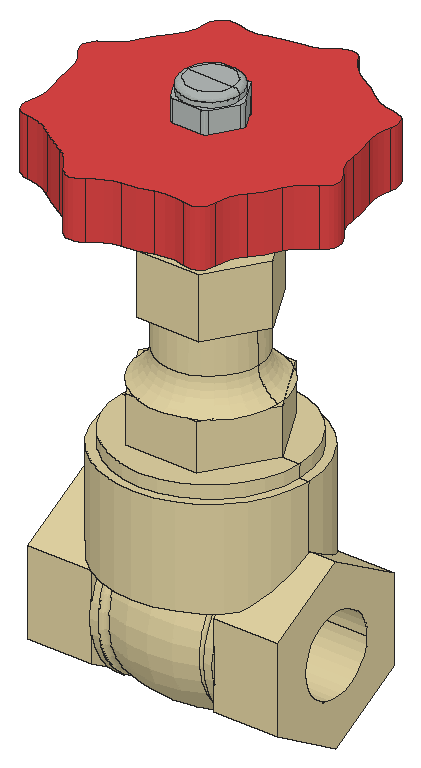
Revit family "AA01120000", category Apparecchi idraulici, Revit 2020
Family settings
  Quota connettore circolare = Usa diametro
  Tipo di parte = Normale
  Numero OmniClass = 23.45.00.00
  Titolo OmniClass = Sanitary, Laundry, and Cleaning Equipment
  Basato su piano di lavoro = No
  Sempre verticale = Sì
  Taglio con vuoti quando caricato = No
  Condiviso = No
  Punto di calcolo locali = No
Parameters
  URL = "https://web.cimberio.com/index.php/figura/1655?subcategoria_id=10053"
  Temperatura di esercizio = "-10 ÷ 150°C"
  Prospetto di default = 0 mm
  Produttore = "CIMBERIO SPA"
  Pressione nominale = "PN 16"
  Modello = "Cim 50NPT"
  Materiale = "Prodotto in lega di ottone conforme alla norma EN 12165-CW617N-DW"
  Descrizione = "Utilizzato nei più svariati settori dell'impiantistica: impianti di riscaldamento, condizionamento, idrici, igienico-sanitari, reti di distribuzione oli, benzine, vapore saturo e in generale con ogni fluido non corrosivo"
  DN Model [instance] = AA01121015 : AA01121015
  DN [instance] = 15 mm
  Commenti sul tipo = "Realizzato in ottemperanza ai requisiti gestionali della norma EN ISO 9001.\r\nCollaudato al 100% secondo la normativa EN 12266-1"
Reference planes
  plane 1 "Centro (Fronte/Retro)": y = 0
  plane 2: z = 0
  plane 3 "Centro (Sinistra/Destra)": x = 0
Dimensions and locks
  aligned and locked: level to plane 2
Nested families
  nested 1: "AA01121015" at (0, 0, 0), type <- "DN Model", type "AA01121015"
  nested 2: "AA01121015" at (0, 0, 0), type <- "DN Model", type "AA01121015"
  nested 3: "AA01121015" at (0, 0, 0), type <- "DN Model", type "AA01121015"
  nested 4: "AA01121015" at (0, 0, 0), type <- "DN Model", type "AA01121015"
  nested 5: "AA01121015" at (0, 0, 0), type <- "DN Model", type "AA01121015"
  nested 6: "AA01121015" at (0, 0, 0), type <- "DN Model", type "AA01121015"
  nested 7: "AA01121015" at (0, 0, 0), type <- "DN Model", type "AA01121015"
  nested 8: "AA01121015" at (0, 0, 0), type <- "DN Model", type "AA01121015"
  nested 9: "AA01121015" at (0, 0, 0), type <- "DN Model", type "AA01121015"
Connectors
  piping at (21, 0, 0), diameter 15, driven by "DN"
    settings: on nested 1, index 1, connector inside diameter 609.6 mm, connector length 0 mm, flow factor 0, pipe flow 0.0 L/s, pressure drop 0.0 Pa, fitting loss kfactor 0, connector angle 0.00°, fixture units 0, engagement length 0 mm, angle of deflection 0.00°, flow configuration 0, flow direction 0, fitting loss method 0, system type 7, joint type 0, gender type 0, connector reference index -1, connector utility 0, adjustable connector no, is connector primary yes, connector description ""
  piping at (-21, 0, 0), diameter 15, driven by "DN"
    settings: on nested 1, index 2, connector inside diameter 609.6 mm, connector length 0 mm, flow factor 0, pipe flow 0.0 L/s, pressure drop 0.0 Pa, fitting loss kfactor 0, connector angle 0.00°, fixture units 0, engagement length 0 mm, angle of deflection 0.00°, flow configuration 0, flow direction 0, fitting loss method 0, system type 7, joint type 0, gender type 0, connector reference index -1, connector utility 0, adjustable connector no, is connector primary no, connector description ""
Definition of nested family "AA01121015"
  Parameters (values of type "AA01121015")
    Default Elevation = 0 mm
  Reference planes
    plane 1 "Centro (Fronte/Retro)": y = 0
    plane 2: z = 0
    plane 3 "Centro (Sinistra/Destra)": x = 0
  Forms (mm)
    Revolve 1, solid
      sketch origin (0, 0, 0) x (1, 0, 0) y (0, 0, 1)
        loop
          line (-10.25, -6.5) -> (-10.25, -12.5) -> (-8.865, -12.5)
          arc (-8.865, -12.5) -> (-8.348, -11.98) -> (-7.616, -11.952) r 1
          arc (-7.616, -11.952) -> (0, -13.25) -> (7.616, -11.952) r 23
          arc (7.616, -11.952) -> (8.348, -11.98) -> (8.865, -12.5) r 1
          line (8.865, -12.5) -> (10.25, -12.5) -> (10.25, -6.5) -> (-10.25, -6.5)
        axis (-10.25, 0) -> (10.25, 0)
      angle from 0 to 360
    Extrusion 2, solid
      sketch origin (0, 0, 0) x (0, 1, 0) y (0, 0, 1)
        loop
          circle (0, 0) r 6.5
        loop
          line (0, 14) -> (-12.124, 7) -> (-12.124, -7) -> (0, -14) -> (12.124, -7) -> (12.124, 7) -> (0, 14)
      from -21 to -10.25
    Revolve 3, solid
      sketch origin (0, 0, 0) x (1, 0, 0) y (0, 0, 1)
        loop
          line (0, 26.632) -> (-15, 26.632) -> (-15, 24.5) -> (-16.5, 24.5) -> (-16.5, 8.117) -> (0, 8.117) -> (0, 26.632)
        axis (0, 26.632) -> (0, 8.117)
      angle from 0 to 360
    Extrusion 4, solid
      sketch origin (0, 0, 0) x (0, -1, 0) y (1, 0, 0)
        loop
          line (0, -12) -> (10.392, -6) -> (10.392, 6) -> (0, 12) -> (-10.392, 6) -> (-10.392, -6) -> (0, -12)
      from 26.632 to 34.304
    Revolve 5, solid
      sketch origin (0, 0, -2.5) x (1, 0, 0) y (0, 0, 1)
        loop
          line (0, 48) -> (-7.95, 48) -> (-8, 41.503)
          arc (-8, 41.503) -> (-8.914, 38.642) -> (-11.29, 36.804) r 5.056
          line (-11.29, 36.804) -> (0, 36.804) -> (0, 48)
        axis (0, 48) -> (0, 36.804)
      angle from 0 to 360
    Extrusion 6, solid
      sketch origin (0, 0, 0) x (0, -1, 0) y (1, 0, 0)
        loop
          line (0, -10.4) -> (9.007, -5.2) -> (9.007, 5.2) -> (0, 10.4) -> (-9.007, 5.2) -> (-9.007, -5.2) -> (0, -10.4)
      from 45.5 to 55.5
    Revolve 7, solid
      sketch origin (0, 0, -2.5) x (1, 0, 0) y (0, 0, 1)
        loop
          line (-8, 67) -> (-8, 65.501)
          arc (-8, 65.501) -> (-7.853, 65.147) -> (-7.499, 65) r 0.501
          line (-7.499, 65) -> (-4, 65) -> (-4, 58) -> (0, 58) -> (0, 67) -> (-8, 67)
        axis (0, 67) -> (0, 58)
      angle from 0 to 360
    Extrusion 8, solid
      sketch origin (0.001, 0, 0) x (0.934985, 0.354687, 0) y (-0.354687, 0.934985, 0)
        loop
          line (-1.377, 5.329) -> (-4.94, 2.419)
          arc (-4.94, 2.419) -> (-5.249, 1.991) -> (-5.302, 1.465) r 1.021
          line (-5.302, 1.465) -> (-4.565, -3.074)
          arc (-4.565, -3.074) -> (-4.349, -3.551) -> (-3.924, -3.858) r 1.012
          line (-3.924, -3.858) -> (0.37, -5.486)
          arc (0.37, -5.486) -> (0.9, -5.54) -> (1.387, -5.321) r 1.03
          line (1.387, -5.321) -> (4.931, -2.427)
          arc (4.931, -2.427) -> (5.246, -1.989) -> (5.3, -1.452) r 1.042
          line (5.3, -1.452) -> (4.567, 3.058)
          arc (4.567, 3.058) -> (4.346, 3.549) -> (3.909, 3.863) r 1.04
          line (3.909, 3.863) -> (-0.382, 5.491)
          arc (-0.382, 5.491) -> (-0.901, 5.543) -> (-1.377, 5.329) r 1.007
      from 73 to 77.5
    Revolve 9, solid
      sketch origin (0, 0, -1.69) x (1, 0, 0) y (0, 0, 1)
        loop
          line (0, 81) -> (0, 79.19) -> (4.75, 79.19) -> (4.75, 80)
          arc (4.75, 80) -> (4.457, 80.707) -> (3.75, 81) r 1
          line (3.75, 81) -> (0, 81)
        axis (0, 81) -> (0, 79.19)
      angle from 0 to 360
    Extrusion 10, solid
      sketch origin (0, 0, 0) x (0, 1, 0) y (0, 0, -1)
        loop
          circle (0, 0) r 6.5
        loop
          line (0, -14) -> (12.124, -7) -> (12.124, 7) -> (0, 14) -> (-12.124, 7) -> (-12.124, -7) -> (0, -14)
      from -21 to -10.25
    Extrusion 11, solid
      sketch origin (0, 0, 0) x (1, 0, 0) y (0, 1, 0)
        loop
          spline (-11.968, 20.777) -> (-12.425, 20.871) -> (-12.866, 20.906) -> (-13.287, 20.88) -> (-13.682, 20.795) -> (-14.047, 20.652) -> (-14.377, 20.452) -> (-14.669, 20.197) -> (-14.918, 19.891) -> (-15.122, 19.537) -> (-15.278, 19.14) -> (-15.384, 18.705) -> (-15.439, 18.236)
          arc (-15.439, 18.236) -> (-15.956, 15.864) -> (-17.167, 13.758) r 7.932
          arc (-17.167, 13.758) -> (-18.555, 11.82) -> (-19.725, 9.743) r 22
          arc (-19.725, 9.743) -> (-21.109, 7.745) -> (-23.054, 6.285) r 7.604
          spline (-23.054, 6.285) -> (-23.461, 6.032) -> (-23.815, 5.747) -> (-24.111, 5.431) -> (-24.346, 5.09) -> (-24.516, 4.728) -> (-24.619, 4.349) -> (-24.654, 3.958) -> (-24.621, 3.559) -> (-24.52, 3.159) -> (-24.352, 2.761) -> (-24.12, 2.371) -> (-23.826, 1.994)
          arc (-23.826, 1.994) -> (-22.509, -0.058) -> (-21.868, -2.41) r 8.033
          arc (-21.868, -2.41) -> (-21.479, -4.762) -> (-20.837, -7.058) r 22
          arc (-20.837, -7.058) -> (-20.41, -9.45) -> (-20.746, -11.858) r 7.744
          spline (-20.746, -11.858) -> (-20.855, -12.32) -> (-20.903, -12.769) -> (-20.891, -13.198) -> (-20.818, -13.602) -> (-20.686, -13.976) -> (-20.495, -14.316) -> (-20.248, -14.618) -> (-19.949, -14.877) -> (-19.601, -15.09) -> (-19.208, -15.255) -> (-18.776, -15.371) -> (-18.308, -15.434)
          arc (-18.308, -15.434) -> (-15.903, -15.958) -> (-13.759, -17.167) r 8.269
          arc (-13.759, -17.167) -> (-11.821, -18.555) -> (-9.743, -19.725) r 22
          arc (-9.743, -19.725) -> (-7.757, -21.119) -> (-6.287, -23.051) r 7.912
          spline (-6.287, -23.051) -> (-6.033, -23.46) -> (-5.747, -23.815) -> (-5.43, -24.112) -> (-5.088, -24.347) -> (-4.724, -24.517) -> (-4.343, -24.62) -> (-3.95, -24.654) -> (-3.55, -24.62) -> (-3.147, -24.516) -> (-2.748, -24.346) -> (-2.357, -24.111) -> (-1.979, -23.813)
          arc (-1.979, -23.813) -> (0.061, -22.492) -> (2.41, -21.868) r 7.748
          arc (2.41, -21.868) -> (4.762, -21.479) -> (7.058, -20.837) r 22
          arc (7.058, -20.837) -> (9.442, -20.417) -> (11.84, -20.741) r 7.867
          spline (11.84, -20.741) -> (12.31, -20.853) -> (12.766, -20.903) -> (13.201, -20.891) -> (13.611, -20.816) -> (13.99, -20.679) -> (14.334, -20.483) -> (14.637, -20.229) -> (14.896, -19.922) -> (15.109, -19.564) -> (15.271, -19.161) -> (15.382, -18.717) -> (15.439, -18.238)
          arc (15.439, -18.238) -> (15.934, -15.856) -> (17.167, -13.759) r 7.487
          arc (17.167, -13.759) -> (18.555, -11.821) -> (19.725, -9.743) r 22
          arc (19.725, -9.743) -> (21.126, -7.76) -> (23.054, -6.285) r 8.056
          spline (23.054, -6.285) -> (23.463, -6.032) -> (23.817, -5.745) -> (24.114, -5.428) -> (24.348, -5.086) -> (24.518, -4.722) -> (24.62, -4.341) -> (24.654, -3.948) -> (24.619, -3.549) -> (24.516, -3.147) -> (24.346, -2.748) -> (24.111, -2.357) -> (23.813, -1.979)
          arc (23.813, -1.979) -> (22.516, 0.071) -> (21.868, 2.41) r 8.284
          arc (21.868, 2.41) -> (21.479, 4.762) -> (20.837, 7.058) r 22
          arc (20.837, 7.058) -> (20.407, 9.418) -> (20.727, 11.795) r 7.666
          spline (20.727, 11.795) -> (20.846, 12.275) -> (20.902, 12.739) -> (20.892, 13.184) -> (20.818, 13.602) -> (20.68, 13.988) -> (20.48, 14.337) -> (20.221, 14.645) -> (19.906, 14.908) -> (19.539, 15.121) -> (19.125, 15.282) -> (18.67, 15.39) -> (18.179, 15.442)
          arc (18.179, 15.442) -> (15.833, 15.955) -> (13.759, 17.167) r 7.692
          arc (13.759, 17.167) -> (11.821, 18.555) -> (9.743, 19.725) r 22
          arc (9.743, 19.725) -> (7.755, 21.12) -> (6.285, 23.054) r 7.902
          spline (6.285, 23.054) -> (6.03, 23.465) -> (5.741, 23.821) -> (5.422, 24.119) -> (5.077, 24.353) -> (4.71, 24.522) -> (4.326, 24.623) -> (3.931, 24.654) -> (3.528, 24.616) -> (3.124, 24.508) -> (2.723, 24.333) -> (2.33, 24.092) -> (1.951, 23.788)
          arc (1.951, 23.788) -> (-0.079, 22.486) -> (-2.41, 21.868) r 7.781
          arc (-2.41, 21.868) -> (-4.762, 21.479) -> (-7.058, 20.837) r 22
          arc (-7.058, 20.837) -> (-9.509, 20.444) -> (-11.968, 20.777) r 8.484
        loop
          line (-3.177, 4.495) -> (-5.477, 0.51)
          arc (-5.477, 0.51) -> (-5.613, 0) -> (-5.477, -0.511) r 1.021
          line (-5.477, -0.511) -> (-3.177, -4.492)
          arc (-3.177, -4.492) -> (-2.806, -4.863) -> (-2.3, -4.998) r 1.012
          line (-2.3, -4.998) -> (2.292, -4.998)
          arc (2.292, -4.998) -> (2.807, -4.86) -> (3.184, -4.482) r 1.03
          line (3.184, -4.482) -> (5.472, -0.52)
          arc (5.472, -0.52) -> (5.611, 0.001) -> (5.471, 0.522) r 1.042
          line (5.471, 0.522) -> (3.186, 4.479)
          arc (3.186, 4.479) -> (2.805, 4.86) -> (2.285, 4.999) r 1.04
          line (2.285, 4.999) -> (-2.304, 4.999)
          arc (-2.304, 4.999) -> (-2.808, 4.864) -> (-3.177, 4.495) r 1.007
      from 64.5 to 73.947
  Dimensions and locks
    aligned and locked: level to plane 2
